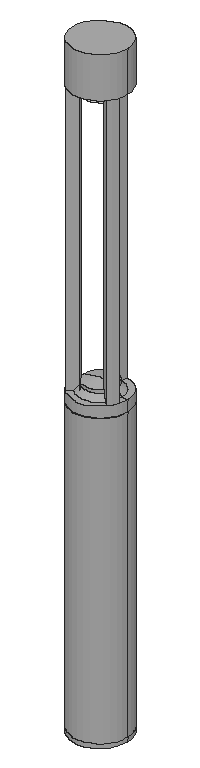
Revit family "Platek_Tris", category Apparecchi per illuminazione, Revit 2017
Family settings
  Quota connettore circolare = Usa diametro
  Tipo di parte = Normale
  Basato su piano di lavoro = No
  Sempre verticale = Sì
  Taglio con vuoti quando caricato = No
  Sorgente d'illuminazione = Sì
  Condiviso = No
  Punto di calcolo locali = No
Parameters (values of type "3333612_29,5W_LED_3000K_H1800mm")
  Height Light = if(H Light900, 520.000 mm, if(H Light1800, 793.000 mm, if(H Light2600, 1500.000 mm, if(H Light3600, 1500.000 mm, 520.000 mm))))  # 793.000 mm
  Wattage = 20.2704 W
  Variazione temperatura colore lampada con luminosità attenuata = <Nessuno>
  URL = "www.platek.eu"
  built-in parameter 1150107 = 3000 (stored number, unit not read)
  Supply Voltage Min = 220 V
  Supply Voltage Max = 240 V
  Supply Voltage = 230 V
  Rendi la forma visibile nel rendering = no
  Produttore = "PLATEK SRL"  # constant formula
  Product Page URL = "http://www.platek.eu/eng/catalogo.php?catseaname=TRIS"
  Product Documentation Link = "http://www.platek.eu/eng/catalogo.php?catseaname=TRIS"
  Product Dimension = "Ø160mm x H1800mm"
  Power Supply Unit = "Included"
  built-in parameter 1150110 = 1 (stored number, unit not read)
  built-in parameter 1150109 = 1 (stored number, unit not read)
  built-in parameter 1114218 = 1 (stored number, unit not read)
  built-in parameter 1150112 = 1 (stored number, unit not read)
  PLATEK FInishes = "Painted Aluminium Avalaible in Anthracite/Black/White/Corten/Bronze"
  PLATEK Article Code = "3333612"
  Nota chiave = "Other Led colors available on request"
  Mounting Type = "Ground"
  Modello = "Tris"  # constant formula
  built-in parameter 1150137 = (empty or 0)
  built-in parameter 1150132 = 2
  Manufacturer Comment = "4mm anti-glare clear"
  Luminaire Wattage = 29.5 W
  Luminaire Luminous Intensity = 1350.94 cd
  Luminaire Luminous Flux = 3011 lm
  Light Source = PLK_Light Source
  Lampada = "LED"
  LED Protection = "Surge protection included"
  built-in parameter 1150105 = 1350.9 (stored number, unit not read)
  built-in parameter 1150102 = (empty or 0)
  Insulation Class = "2"
  Immagine tipo = tris_1800.jpg
  built-in parameter 1150106 = 13.509 (stored number, unit not read)
  IP Rating = "IP66"
  IK Rating = "IK 10"
  Height Body = if(H Body900, 229.000 mm, if(H Body1800, 856.000 mm, if(H Body2600, 949.000 mm, if(H Body3600, 1949.000 mm, 229.000 mm))))  # 856.000 mm
  H Light3600 = no
  H Light2600 = no
  H Light900 = no
  H Light1800 = yes
  H Body3600 = no
  H Body1800 = yes
  H Body900 = no
  H Body2600 = no
  Frequency = "50/60 Hz"
  Lumens = 3011 lm
  Color Filter = 16777215
  File diagramma fotometrico = "3333612.IES"
  built-in parameter 1114217 = 1 (stored number, unit not read)
  built-in parameter 1150139 = (empty or 0)
  Energy Efficiency Rating = "A/A+/A++"
  Emetti da diametro cerchio = 45.000 mm
  built-in parameter 1150104 = 13.8 (stored number, unit not read)
  built-in parameter 1150115 = 1 (stored number, unit not read)
  built-in parameter 1150114 = 1 (stored number, unit not read)
  built-in parameter 1150113 = 1 (stored number, unit not read)
  Dimmable = "No"
  Diffuse Type = "PMMA"
  Descrizione = "Outdoor Lighting, Floor/Ground Illumination"
  Commenti sul tipo = "Pedestrian areas, Urban zones, Paths, Roads"
  Colour Temperature = 3000 K
  built-in parameter 1150134 = (empty or 0)
  built-in parameter 1150138 = (empty or 0)
  Codice assieme = "3333612.06(Grey); 3333612.08(Anthracite); 3333612.01(Black); 3333612.02(White); 3333612.07(Corten); 3333612.09(Bronze)"
  Apparent Load = 0 VA
  Cable Lenght = "Ø 4÷6mm"
  CRI = ">80"
  Body = PLK_Grey
  Beam Angle = 0.00°
  Angolo inclinazione = 90.00°
  Aluminium = PLK_Light Source
  built-in parameter 1150133 = 10 (stored number, unit not read)
Types (5, lengths in mm): name | Height Light | Wattage | Product Dimension | PLATEK Article Code | Luminaire Wattage | Luminaire Luminous Intensity | Luminaire Luminous Flux | built-in parameter 1150105 | Immagine tipo | built-in parameter 1150106 | IP Rating | IK Rating | Height Body | H Light3600 | H Light2600 | H Light900 | H Light1800 | H Body3600 | H Body1800 | H Body900 | H Body2600 | Lumens | File diagramma fotometrico | Codice assieme | Cable Lenght | Aluminium
  (no name) | 793.000 | 20.2704 W | "Ø160mm x H1800mm" | "3333612" | 29.5 W | 1350.94 cd | 3011 lm | 1350.9 (stored number, unit not read) | tris_1800.jpg | 13.509 (stored number, unit not read) | "IP66" | "IK 10" | 856.000 | no | no | no | yes | no | yes | no | no | 3011 lm | "3333612.IES" | "3333612.06(Grey); 3333612.08(Anthracite); 3333612.01(Black); 3333612.02(White); 3333612.07(Corten); 3333612.09(Bronze)" | "Ø 4÷6mm" | PLK_Light Source
  3333611_20,8W_LED_3000K_H900mm | 520.000 | 13.9153 W | "Ø160mm x H900mm" | "3333611" | 20.5 W | 927.49 cd | 2067 lm | 164.49 (stored number, unit not read) | tris_900.jpg | 1.6449 (stored number, unit not read) | "IP66" | "IK 10" | 229.000 | no | no | yes | no | no | no | yes | no | 2067 lm | "3333611.ies" | "3333611.06(Grey); 3333611.08(Anthracite); 3333611.01(Black); 3333611.02(White); 3333611.07(Corten); 3333611.09(Bronze)" | "" | PLK_Light Source
  3333612_29,5W_LED_3000K_H1800mm | 793.000 | 20.2704 W | "Ø160mm x H1800mm" | "3333612" | 29.5 W | 1350.94 cd | 3011 lm | 1350.9 (stored number, unit not read) | tris_1800.jpg | 13.509 (stored number, unit not read) | "IP66" | "IK 10" | 856.000 | no | no | no | yes | no | yes | no | no | 3011 lm | "3333612.IES" | "3333612.06(Grey); 3333612.08(Anthracite); 3333612.01(Black); 3333612.02(White); 3333612.07(Corten); 3333612.09(Bronze)" | "Ø 4÷6mm" | PLK_Light Source
  3333613_45W_LED_3000K_H3600mm | 1500.000 | 30.4089 W | "Ø160mm x H3600mm" | "3333613" | 45 W | 2026.64 cd | 4517 lm | 359.45 (stored number, unit not read) | tris_3600.jpg | 3.5945 (stored number, unit not read) | "IP65" | "IK 07" | 1949.000 | yes | no | no | no | yes | no | no | no | 4517 lm | "3333613.IES" | "3333613.06(Grey); 3333613.08(Anthracite); 3333613.01(Black); 3333613.02(White); 3333613.07(Corten); 3333613.09(Bronze)" | "" | PLK_Aluminium
  3333614_45W_LED_3000K_H2600mm | 1500.000 | 30.4089 W | "Ø160mm x H2600mm" | "3333614" | 45 W | 2026.64 cd | 4517 lm | 2026.6 (stored number, unit not read) | tris_2600.jpg | 20.266 (stored number, unit not read) | "IP66" | "IK 10" | 949.000 | no | yes | no | no | no | no | no | yes | 4517 lm | "3333614.IES" | "3333614.06(Grey); 3333614.08(Anthracite); 3333614.01(Black); 3333614.02(White); 3333614.07(Corten); 3333614.09(Bronze)" | "" | PLK_Light Source
Reference planes
  plane 1 "Centro (Fronte/Retro)": y = 0
  plane 2: z = 0
  plane 3 "Centro (Sinistra/Destra)": x = 0
  plane 4: x = -80
  plane 5: x = 80
  plane 6: x = 46.192
  plane 7: x = -46.192
  plane 8: z = 12
  plane 9: z = 888
  plane 10: z = 858
  plane 11: z = 856
  plane 12: z = 1681
  plane 13: z = 1657
  plane 14: z = 1663
  plane 15: z = 1800
Forms (mm)
  Extrusion 1, solid, material "PLK_Grey" <- "Body", detail levels medium+fine
    sketch origin (0, 0, 1892.5) x (-1, 0, 0) y (0, -1, 0)
      loop
        circle (0, 0) r 80
    from -1892.5 to -1880.5
  Revolve 2, solid, material "PLK_Grey" <- "Body", detail levels medium+fine
    sketch origin (0, 0, 0) x (1, 0, 0) y (0, 0, 1)
      loop
        line (-80, 12) -> (0, 12) -> (0, 919.991) -> (-46.192, 911.847) -> (-46.192, 903.285) -> (-61.477, 888) -> (-80, 888) -> (-80, 858) -> (-79, 858) -> (-79, 856) -> (-80, 856) -> (-80, 12)
      axis (0, 919.991) -> (0, 12)
    angle from 0 to 360
  Extrusion 3, solid, material "PLK_Grey" <- "Body", detail levels medium+fine
    sketch origin (0, 0, 1892.5) x (-1, 0, 0) y (0, -1, 0)
      loop
        arc (10.235, -45.092) -> (0.107, -46.192) -> (-10.02, -45.092) r 47.168
        line (-10.02, -45.092) -> (-13.839, -77.778)
        arc (-13.839, -77.778) -> (0, -79) -> (13.839, -77.778) r 79
        line (13.839, -77.778) -> (10.235, -45.092)
    from -1004.5 to -211.5
  Extrusion 4, solid, material "PLK_Grey" <- "Body", detail levels medium+fine
    sketch origin (0, 0, 2190.5) x (-1, 0, 0) y (0, -1, 0)
      loop
        arc (74.256, 26.964) -> (68.443, 39.454) -> (60.548, 50.744) r 79
        line (60.548, 50.744) -> (34.011, 31.256)
        arc (34.011, 31.256) -> (40.03, 23.05) -> (44.106, 13.725) r 46.192
        line (44.106, 13.725) -> (74.256, 26.964)
    from -1302.5 to -509.5
  Extrusion 5, solid, material "PLK_Grey" <- "Body", detail levels medium+fine
    sketch origin (0, 0, 1892.5) x (-1, 0, 0) y (0, -1, 0)
      loop
        arc (-44.08, 13.807) -> (-39.977, 23.142) -> (-33.925, 31.35) r 46.192
        line (-33.925, 31.35) -> (-60.466, 50.841)
        arc (-60.466, 50.841) -> (-68.389, 39.546) -> (-74.227, 27.045) r 79
        line (-74.227, 27.045) -> (-44.08, 13.807)
    from -1004.5 to -211.5
  Extrusion 6, solid, material "PLK_Light Source" <- "Light Source", detail levels medium+fine
    sketch origin (0, 0, 1892.5) x (-1, 0, 0) y (0, -1, 0)
      loop
        circle (0, 0) r 46.192
    from -235.5 to -229.5
  Extrusion 7, solid, material "PLK_Grey" <- "Body", detail levels medium+fine
    sketch origin (0, 0, 1892.5) x (-1, 0, 0) y (0, -1, 0)
      loop
        circle (0, 0) r 80
    from -211.5 to -92.5
  Revolve 8, solid, material "PLK_Grey" <- "Body", detail levels medium+fine
    sketch origin (0, 0, 0) x (1, 0, 0) y (0, 0, 1)
      loop
        line (0, 1681) -> (-60.977, 1681) -> (-45.273, 1663) -> (0, 1663) -> (0, 1681)
      axis (0, 1663) -> (0, 1681)
    angle from 0 to 360
  Extrusion 9, solid, material "PLK_Grey" <- "Body", detail levels coarse
    sketch origin (0, 0, 1892.5) x (-1, 0, 0) y (0, -1, 0)
      loop
        circle (0, 0) r 80
    from -1892.5 to -92.5
Dimensions and locks
  equal spacing: plane 4, plane 3 "Centro (Sinistra/Destra)", plane 5, locked at 80 each
  plane 4 to plane 3 "Centro (Sinistra/Destra)" = 80.000 mm
  equal spacing: plane 7, plane 3 "Centro (Sinistra/Destra)", plane 6, locked at 46.192 each
  plane 9 to plane 10 to plane 11 = 30.000 mm locked, 2.000 mm locked
  locked: plane 8 to level at 12
  "Height Body": plane 11 to level
  plane 12 to plane 14 to plane 13 = 18.000 mm locked, 6.000 mm locked
  "Height Light": plane 12 to plane 9
  locked: plane 15 to plane 12 at 119
  aligned and locked: level to plane 2
  aligned and locked: Extrusion 1 to level
  aligned and locked: plane 8 to Extrusion 1
  aligned and locked: Revolve 2 sketch curve to Revolve 2 sketch curve  (x2)
  aligned and locked: Revolve 2 to plane 8
  aligned and locked: Revolve 2 to plane 9
  aligned and locked: Revolve 2 to plane 10
  aligned and locked: Revolve 2 to plane 11
  aligned and locked: Extrusion 5 to plane 9
  aligned and locked: plane 12 to Extrusion 5
  aligned and locked: Extrusion 3 to plane 9
  aligned and locked: plane 12 to Extrusion 3
  aligned and locked: Extrusion 4 to plane 9
  aligned and locked: plane 12 to Extrusion 4
  aligned and locked: Extrusion 6 to plane 13
  aligned and locked: plane 14 to Extrusion 6
  aligned and locked: Extrusion 7 to plane 12
  aligned and locked: plane 15 to Extrusion 7
  aligned and locked: Extrusion 9 to level
  aligned and locked: plane 15 to Extrusion 9
  aligned and locked: plane 13 to imposter light
Automatic sketch dimensions
  plane 1 "Centro (Fronte/Retro)" to Extrusion 1 sketch curve = 0.000 mm
  Extrusion 1 sketch curve to plane 3 "Centro (Sinistra/Destra)" = 0.000 mm
  Revolve 2 sketch curve to plane 4 = 0.000 mm  (x2)
  Revolve 2 sketch curve to plane 7 = 0.000 mm
  Revolve 2 sketch curve to plane 3 "Centro (Sinistra/Destra)" = 0.000 mm
  plane 8 to Revolve 2 sketch curve = 0.000 mm
  plane 4 to Revolve 2 sketch curve = 1.000 mm
  Revolve 2 sketch curve to plane 7 = 15.285 mm
  plane 8 to Revolve 2 sketch curve = 844.000 mm
  Revolve 2 sketch curve to Revolve 2 sketch curve = 2.000 mm
  Revolve 2 sketch curve to Revolve 2 sketch curve = 30.000 mm
  Revolve 2 sketch curve to Revolve 2 sketch curve = 15.285 mm
  Revolve 2 sketch curve to Revolve 2 sketch curve = 8.562 mm
  Revolve 2 sketch curve to Revolve 2 sketch curve = 8.145 mm
  Revolve 2 sketch curve to level = 17.009 mm
  plane 1 "Centro (Fronte/Retro)" to Extrusion 3 sketch curve = 0.000 mm
  Extrusion 3 sketch curve to plane 3 "Centro (Sinistra/Destra)" = 0.000 mm
  plane 3 "Centro (Sinistra/Destra)" to Extrusion 3 sketch curve = 13.839 mm
  Extrusion 3 sketch curve to plane 3 "Centro (Sinistra/Destra)" = 0.107 mm
  Extrusion 3 sketch curve to plane 3 "Centro (Sinistra/Destra)" = 13.839 mm
  Extrusion 3 sketch curve to plane 1 "Centro (Fronte/Retro)" = 77.778 mm
  plane 1 "Centro (Fronte/Retro)" to Extrusion 3 sketch curve = 0.976 mm
  plane 3 "Centro (Sinistra/Destra)" to Extrusion 3 sketch curve = 10.020 mm
  Extrusion 3 sketch curve to Extrusion 3 sketch curve = 32.686 mm
  Extrusion 3 sketch curve to Extrusion 3 sketch curve = 0.000 mm
  Extrusion 4 sketch curve to Extrusion 4 sketch curve = 0.000 mm  (x2)
  plane 1 "Centro (Fronte/Retro)" to Extrusion 4 sketch curve = 0.000 mm
  Extrusion 4 sketch curve to plane 3 "Centro (Sinistra/Destra)" = 0.000 mm
  plane 7 to Extrusion 4 sketch curve = 12.181 mm
  plane 7 to Extrusion 4 sketch curve = 2.086 mm
  plane 1 "Centro (Fronte/Retro)" to Extrusion 4 sketch curve = 13.725 mm
  Extrusion 4 sketch curve to plane 7 = 14.356 mm
  plane 4 to Extrusion 4 sketch curve = 5.744 mm
  plane 1 "Centro (Fronte/Retro)" to Extrusion 4 sketch curve = 26.964 mm
  Extrusion 5 sketch curve to Extrusion 5 sketch curve = 0.000 mm  (x2)
  plane 1 "Centro (Fronte/Retro)" to Extrusion 5 sketch curve = 0.000 mm
  Extrusion 5 sketch curve to plane 3 "Centro (Sinistra/Destra)" = 0.000 mm
  plane 6 to Extrusion 5 sketch curve = 14.274 mm
  Extrusion 5 sketch curve to plane 5 = 5.773 mm
  plane 1 "Centro (Fronte/Retro)" to Extrusion 5 sketch curve = 27.045 mm
  Extrusion 5 sketch curve to plane 6 = 12.267 mm
  Extrusion 5 sketch curve to plane 6 = 2.112 mm
  plane 1 "Centro (Fronte/Retro)" to Extrusion 5 sketch curve = 13.807 mm
  plane 1 "Centro (Fronte/Retro)" to Extrusion 6 sketch curve = 0.000 mm
  Extrusion 6 sketch curve to plane 3 "Centro (Sinistra/Destra)" = 0.000 mm
  plane 1 "Centro (Fronte/Retro)" to Extrusion 7 sketch curve = 0.000 mm
  Extrusion 7 sketch curve to plane 3 "Centro (Sinistra/Destra)" = 0.000 mm
  Revolve 8 sketch curve to plane 12 = 0.000 mm
  Revolve 8 sketch curve to plane 14 = 0.000 mm
  Revolve 8 sketch curve to plane 3 "Centro (Sinistra/Destra)" = 0.000 mm  (x2)
  plane 7 to Revolve 8 sketch curve = 0.919 mm
  Revolve 8 sketch curve to plane 7 = 14.785 mm
  Revolve 8 sketch curve to plane 11 = 97.000 mm
  plane 15 to Revolve 8 sketch curve = 22.000 mm
  plane 1 "Centro (Fronte/Retro)" to Extrusion 9 sketch curve = 0.000 mm
  Extrusion 9 sketch curve to plane 3 "Centro (Sinistra/Destra)" = 0.000 mm
  radius of Extrusion 1 sketch curve = 80.000 mm
  radius of Extrusion 6 sketch curve = 46.192 mm
  radius of Extrusion 7 sketch curve = 80.000 mm
  radius of Extrusion 9 sketch curve = 80.000 mm
Connectors
  electrical at (0, 0, 0)
    settings: on Extrusion 1, index 1, voltage 0 V, apparent load 0 VA, apparent load phase1 0 VA, apparent load phase2 0 VA, apparent load phase3 0 VA, power factor 1, load classification "Altro", number of poles 1, system type 31, power factor state 1, is connector primary yes, connector utility no, sub classification motor no, connector description ""
